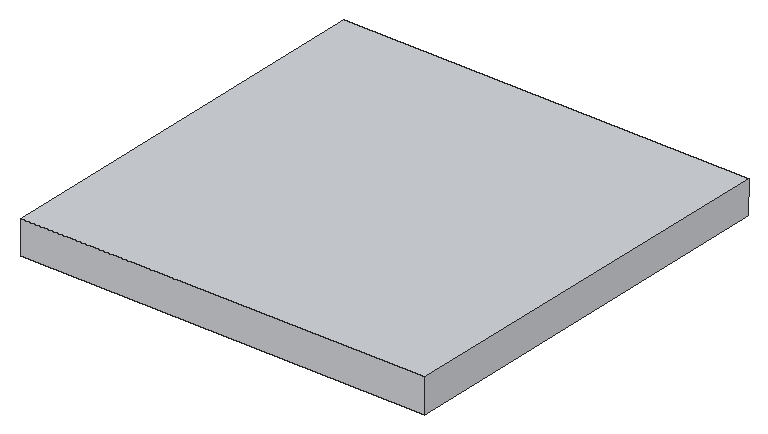
Revit family "dba6b08b2ee448a7bc1ac4d8636dd8ed", category Air Terminals, host Face, Revit 2021
Family settings
  Host = Face
  Round Connector Dimension = Use Diameter
  Part Type = Normal
  OmniClass Number = 23.75.70.21.27
  OmniClass Title = Air Outlets and Inlets
  Seek Item ID = Rectangular Duct Connector - Return Air - Air Terminal-0000-USA-ENU
  Cut with Voids When Loaded = No
  Shared = No
  Room Calculation Point = No
Parameters (values of type "Standard")
  Width = 12"
  TopArrowVisible [instance] = yes
  Thickness = 1"
  RightArrowVisible [instance] = yes
  LeftArrowVisible [instance] = yes
  Height = 12"
  Flow [instance] = 100 CFM
  Default Elevation = 0' - 0"
  BottomArrowVisible [instance] = yes
  Assembly Code = ""
  Arrow Offset = 1' - 2"
Reference planes (in)
  plane 1 "Center (Front/Back)": y = 0
  plane 2: z = 0
  plane 3 "Center (Left/Right)": x = 0
Forms (in)
  Sweep 1, solid
    path in 3D
      loop
        line (0, 0, 0) -> (0, 0, 1)
    profile "Duct - Rectangular : Duct - Rectangular" origin (0, 0, 0.5) x (0, -1, 0) y (1, 0, 0)
      loop
        line (-6, 6) -> (-6, -6) -> (6, -6) -> (6, 6) -> (-6, 6)
Lines and regions (in)
  reference lines
    curve 1: line (0, 0, 0) -> (0, 0, 1)
  sketch lines
    curve 2: line (0, 0, 0) -> (0, 0, 1)
Dimensions and locks (in)
  "Thickness": curve 1 to curve 1
  "Arrow Offset": nested 1 to plane 3 "Center (Left/Right)"
  "Arrow Offset": plane 1 "Center (Front/Back)" to nested 2
  "Arrow Offset": plane 3 "Center (Left/Right)" to nested 3
  "Arrow Offset": plane 1 "Center (Front/Back)" to nested 4
  aligned and locked: plane 2 to host face
  aligned and locked: level to host face
  aligned and locked: host face to curve 1
  aligned and locked: curve 1 to plane 1 "Center (Front/Back)"
  aligned and locked: plane 1 "Center (Front/Back)" to nested 1
  aligned and locked: nested 3 to plane 1 "Center (Front/Back)"
  aligned and locked: plane 3 "Center (Left/Right)" to nested 2
  aligned and locked: nested 4 to plane 3 "Center (Left/Right)"
Automatic sketch dimensions
  host sketch curve to host sketch curve = 8' - 0"  (x2)
Nested families (in)
  nested 1: "Duct Terminal Arrow_Reverse" at (-14, 0, 0), visible <- "LeftArrowVisible", type "Duct Terminal Arrow_Reverse"
  nested 2: "Duct Terminal Arrow_Reverse" at (0, -14, 0) x (0, 1, 0) z (0, 0, 1), visible <- "BottomArrowVisible", type "Duct Terminal Arrow_Reverse"
  nested 3: "Duct Terminal Arrow_Reverse" at (14, 0, 0) x (-1, 0, 0) z (0, 0, 1), visible <- "RightArrowVisible", type "Duct Terminal Arrow_Reverse"
  nested 4: "Duct Terminal Arrow_Reverse" at (0, 14, 0) x (0, -1, 0) z (0, 0, 1), visible <- "TopArrowVisible", type "Duct Terminal Arrow_Reverse"
Connectors (in)
  hvac at (0, 0, 1), driven by "Height", driven by "Width", driven by "Flow"
    settings: on Sweep 1, index 1, duct flow 100 CFM, flow factor 0, pres drop 0.00 in-wg, loss coef 0, conn angle 0.00°, conn width 12", conn height 12", conn diameter 24", duct sys type 2, conn prof type 1, flow config 1, flow direction 2, loss method 0, conn ref index -1, conn util no, is conn primary yes, conn desc ""
Definition of nested family "Duct Terminal Arrow_Reverse"
  Reference planes (in)
    plane 1: y = 0
    plane 2: x = 0
  Lines and regions (in)
    Filled region 1, type "Solid Black"
      outline origin (-1, 0, 0) x (1, 0, 0) y (0, 1, 0)
        loop
          line (1, 0) -> (0.875, 0.0455) -> (0.875, -0.0455) -> (1, 0)
    detail lines
      curve 1: line (-0.25, 0, 0) -> (0, 0, 0)
